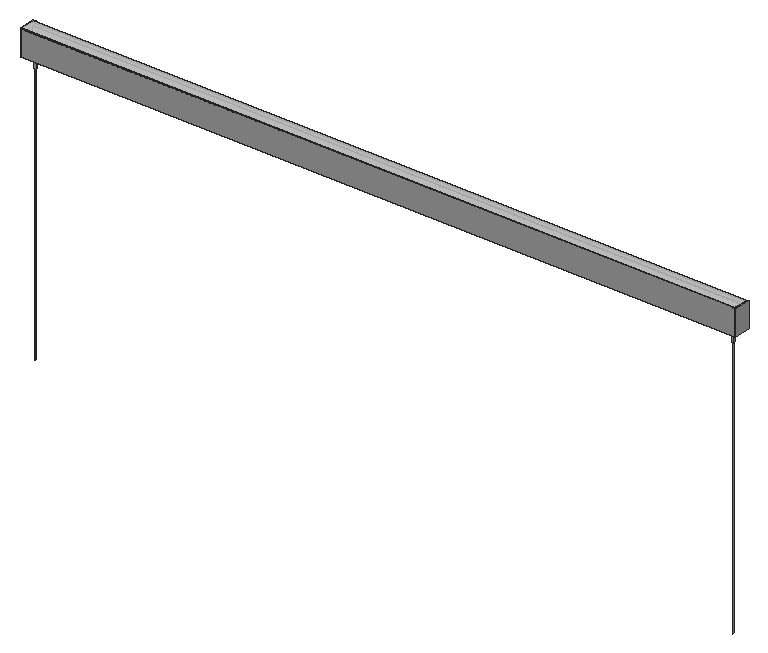
Revit family "2093111 Sylvania Lighting Fixture MC2-KIT D I 2-4M 3K DALI WHT PRIS", category Lighting Fixtures, host Face, Revit 2016
Family settings
  Host = Face
  Part Type = Normal
  Round Connector Dimension = Use Diameter
  OmniClass Number = 23.80.70.11.17
  OmniClass Title = Specialized Lighting by Location or Use
  Cut with Voids When Loaded = No
  Light Source = Yes
  Shared = No
  Room Calculation Point = No
Parameters (values of type "2093111 MC2-KIT D/I 2.4M 3K DALI WHT PRIS")
  Width_SYL = 54.0 mm
  Weight = "6.5 kg"
  Wattage = 64 W
  WarrantyStartDate [instance] = "n/a"
  WarrantyGuarantorParts = "n/a"
  WarrantyDurationUnit = "n/a"
  WarrantyDurationParts = "n/a"
  WarrantyDescription = "n/a"
  built-in parameter 1150110 = 1 (stored number, unit not read)
  Voltage = 0 V
  URL = "http://www.sylvania-lighting.com"
  TypeName = "MC2-KIT D/I 2.4M 3K DALI WHT PRIS"
  built-in parameter 1114217 = 1 (stored number, unit not read)
  Tilt Angle = -90.00°
  built-in parameter 1150109 = 1 (stored number, unit not read)
  built-in parameter 1150134 = (empty or 0)
  built-in parameter 1150113 = 1 (stored number, unit not read)
  SerialNumber [instance] = "n/a"
  PowerFactor = 0.95
  PowerConsumption = "64 W"
  NominalWidth = 0.0 mm
  NominalLength = 2400.0 mm
  NominalHeight = 86.0 mm
  Name = "MC2-KIT D/I 2.4M 3K DALI WHT PRIS"
  ModelReference = "MC2-KIT D/I 2.4M 3K DALI WHT PRIS"
  ModelNumber = "2093111"
  Material_3_SYL = Metal_Sylvania_Mini Contiuum II_Silver
  Photometric Web File = "2093111.ies"
  Material_4_SYL = Metal_Sylvania_Mini Contiuum II_Silver
  MountingHeight_SYL [instance] = 1000.0 mm
  Material = "aluminium housing, polycarbonate diffuser"
  ManufacturerName = "Feilo Sylvania"
  LuminousEfficacy = "116 lm/W"
  LuminaireType = ""
  LightOutputRatio = "100"
  Length_SYL = 2400.0 mm
  LampsType = Lamp  # "LED"
  LampNominalLuminous = "7392 lm"
  LampMacAdamStep = "3"
  LampColourTemperature = "3000 K"
  LampColourRenderingIndex = "80"
  Keynote = "16500"
  InstallationDate [instance] = "n/a"
  InputVoltage = "n/a"
  InputNominalFrequency = "n/a"
  IngressProtection = "IP20"
  ImpactProtectionIndex = "n/a"
  IfcExportType = "IfcLightFixtureType"
  IfcExportAs = "IfcLightFixtureType"
  Height_SYL = 86.0 mm
  ExpectedLife = 50000
  EndCapRight_SYL = yes
  EndCapLeft_SYL = yes
  Emit from Rectangle Width = Width_SYL - 2.0 mm  # 52.0 mm
  Emit from Rectangle Length = Length_SYL  # 2400.0 mm
  Emit Shape Visible in Rendering = no
  ElectricShockClassification = "Class I"
  DurationUnit = "hours"
  DocumentationLiterature = "http://www.sylvania-lighting.com/product/en-int/products/2093111"
  DimmingControlOptions = "n/a"
  CreatedOn = "10/15/2018"
  CreatedBy = "@sylvania-lighting.com"
  built-in parameter 1114216 [instance] = 1 (stored number, unit not read)
  Model = "MC2-KIT D/I 2.4M 3K DALI WHT PRIS"
  Manufacturer = "Feilo Sylvania"
  built-in parameter 1150105 = 590.78 (stored number, unit not read)
  Lumens = 7424 lm
  built-in parameter 1150115 = 1 (stored number, unit not read)
  built-in parameter 1150137 = (empty or 0)
  built-in parameter 1150139 = (empty or 0)
  built-in parameter 1150112 = 1 (stored number, unit not read)
  built-in parameter 1150114 = 1 (stored number, unit not read)
  Lamp = "LED"
  built-in parameter 1150132 = 2
  built-in parameter 1150102 = (empty or 0)
  built-in parameter 1150107 = 3000 (stored number, unit not read)
  built-in parameter 1150138 = (empty or 0)
  built-in parameter 1150106 = 5.9078 (stored number, unit not read)
  Material_1_SYL = Metal_Sylvania_Mini Continuum II_White
  built-in parameter 1150104 = 10.777 (stored number, unit not read)
  Dimming Lamp Color Temperature Shift = <None>
  Material_2_SYL = Polycarbonate_Sylvania_Mini Continuum II_Opal_4000K
  Description = "2093111   MC2-KIT D/I 2.4M 3K DALI WHT PRIS  Continuous lines of LED light, white RAL 9016, direct/indirect distribution (65/35), suspended kit version is pre-wired and supplied complete with end caps and suspension cables, compact and minimalist design based on the Golden Mean, ideal for offices, meeting rooms, corridors, education facilities, museums and libraries, extruded aluminium body, diffuser: micro prismatic, colour temperature: 3000K warm white, total system power: 64W, total fixture output: 7392lm, luminaire efficacy: 116lm/W, LOR: 100%, colour rendering: Ra >80, LED Chromacity: 1 step MacAdam ellipse, lifetime: 60,000 hours at 90% of the original output (L90), energy class: A++, A+, A, IR/UV free light source without heat radiation, operating voltage: 220-240V / 50-60Hz, drive current: (Direct) 800mA + (Indirect) 350mA, electronic driver, DALI dimmable, direct/indirect independently addressable, electrical protection: CLASS I, IP20, suitable for internal environment only."
  Default Elevation = 0.0 mm
  Color Filter = 16777215
  built-in parameter 1140040 [instance] = 1
  BarCode [instance] = "n/a"
  built-in parameter 1114218 = 1 (stored number, unit not read)
  built-in parameter 1150133 = 10 (stored number, unit not read)
  AssetType = "Fixed"
  AssetIdentifier [instance] = "n/a"
  Assembly Code = "D5020200"
  Apparent Load = 64 VA
Reference planes
  plane 1 "Center (Front/Back)": y = 0
  plane 2 "Bottom Fixtures": z = 0
  plane 3 "Center (Left/Right)": x = 0
  plane 4 "Fixture Left": x = -1200
  plane 5 "Fixture Right": x = 1200
  plane 6 "Fixture Bottom": z = 1000
  plane 7: z = 998
  plane 8: z = 996
  plane 9: z = 986.951
  plane 10: z = 956.951
  plane 11 "Fixture Top": z = 914
  plane 12 "Mounting Right": x = 1172
  plane 13 "Mounting Left": x = -1172
  plane 14: z = 879
  plane 15: y = 27
  plane 16: y = -27
  plane 17: y = -26
  plane 18: y = -25
  plane 19: y = 26
  plane 20: y = 25
  plane 21: y = 11
  plane 22: y = -11
  plane 23: y = 24
  plane 24: y = 22
  plane 25: y = -22
  plane 26: y = 15
  plane 27: y = -15
  plane 28 "Upper Diffuser Left": x = -1050
  plane 29 "Upper Diffuser Right": x = 1050
  plane 30: x = -1202
  plane 31: x = 1202
Forms (mm)
  Extrusion 1, solid, material "Metal_Sylvania_Mini Continuum II_White" <- "Material_1_SYL", detail levels fine
    sketch origin (0, 0, 520) x (0, 1, 0) y (0, 0, 1)
      loop
        line (27, 480) -> (26, 480) -> (26, 478) -> (25, 478) -> (25, 396) -> (13, 396) -> (13, 398) -> (-13, 398) -> (-13, 396) -> (-25, 396) -> (-25, 478) -> (-26, 478) -> (-26, 480) -> (-27, 480) -> (-27, 394) -> (-11, 394) -> (-11, 396) -> (11, 396) -> (11, 394) -> (27, 394) -> (27, 480)
    from -1200 to 1200
  Extrusion 2, solid, material "Polycarbonate_Sylvania_Mini Continuum II_Opal_4000K" <- "Material_2_SYL", detail levels fine
    sketch origin (0, 0, 520) x (0, 1, 0) y (0, 0, 1)
      loop
        line (-26, 480) -> (-26, 478) -> (26, 478) -> (26, 480) -> (-26, 480)
    from -1200 to 1200
  Extrusion 3, solid, material "Metal_Sylvania_Mini Contiuum II_Silver" <- "Material_3_SYL", detail levels fine
    sketch origin (0, 0, 520) x (0, 1, 0) y (0, 0, 1)
      loop
        line (22, 466.951) -> (20.973, 466.951) -> (14.206, 437.951) -> (11, 437.951) -> (11, 436.951) -> (15, 436.951) -> (22, 466.951)
      loop
        line (-15, 436.951) -> (-11, 436.951) -> (-11, 437.951) -> (-14.206, 437.951) -> (-20.973, 466.951) -> (-22, 466.951) -> (-15, 436.951)
    from -1200 to 1200
  Extrusion 4, solid, material "Metal_Sylvania_Mini Continuum II_White" <- "Material_1_SYL", detail levels coarse+medium
    sketch origin (0, 0, 520) x (0, 1, 0) y (0, 0, 1)
      loop
        line (-27, 480) -> (-27, 394) -> (27, 394) -> (27, 480) -> (-27, 480)
    from -1200 to 1200
  Extrusion 5, solid, material "Metal_Sylvania_Mini Contiuum II_Silver" <- "Material_4_SYL", detail levels fine
    sketch origin (0, 0, -86) x (-1, 0, 0) y (0, -1, 0)
      loop
        circle (1172, 0) r 4
      loop
        circle (-1172, 0) r 4
    from 965 to 1002
  Extrusion 6, solid, material "Metal_Sylvania_Mini Contiuum II_Silver" <- "Material_4_SYL", detail levels fine
    sketch origin (0, 0, -86) x (-1, 0, 0) y (0, -1, 0)
      loop
        circle (-1172, 0) r 1
      loop
        circle (1172, 0) r 1
    from 86 to 965
  Extrusion 7, solid, material "Polycarbonate_Sylvania_Mini Continuum II_Opal_4000K" <- "Material_2_SYL", detail levels fine
    sketch origin (0, 0, 0) x (0, 1, 0) y (0, 0, 1)
      loop
        arc (11, 916) -> (5.59, 914.504) -> (0, 914) r 31.25
        arc (0, 914) -> (-5.59, 914.504) -> (-11, 916) r 31.25
        line (-11, 916) -> (-11, 914.934)
        arc (-11, 914.934) -> (-5.584, 913.487) -> (0, 913) r 32.25
        arc (0, 913) -> (5.584, 913.487) -> (11, 914.934) r 32.25
        line (11, 914.934) -> (11, 916)
    from -1050 to 1050
  Extrusion 8, void
    sketch origin (0, 0, 0) x (0, 1, 0) y (0, 0, 1)
      loop
        line (11, 918) -> (-11, 918) -> (-11, 916) -> (11, 916) -> (11, 918)
    from -1050 to 1050
  Extrusion 9, solid, material "Metal_Sylvania_Mini Continuum II_White" <- "Material_1_SYL", visible <- "EndCapLeft_SYL"
    sketch origin (-1200, 171.684, 1219.2) x (0, 1, 0) y (0, 0, 1)
      loop
        line (-198.684, -305.2) -> (-144.684, -305.2) -> (-144.684, -219.2) -> (-198.684, -219.2) -> (-198.684, -305.2)
    from 0 to -2
  Extrusion 10, solid, material "Metal_Sylvania_Mini Continuum II_White" <- "Material_1_SYL", visible <- "EndCapRight_SYL"
    sketch origin (1200, 171.684, 1219.2) x (0, 1, 0) y (0, 0, -1)
      loop
        line (-144.684, 219.2) -> (-144.684, 305.2) -> (-198.684, 305.2) -> (-198.684, 219.2) -> (-144.684, 219.2)
    from 0 to -2
Cuts and joins
  Extrusion 8 cuts Extrusion 1
Lines and regions (mm)
  Masking region 1
    outline origin (0, 0, -86) x (-1, 0, 0) y (0, -1, 0)
      loop
        line (1200, -27) -> (1200, 27) -> (-1200, 27) -> (-1200, -27) -> (1200, -27)
  symbolic lines, detail levels fine
    curve 1: line (-1200, 26, -86) -> (1200, 26, -86)
    curve 2: line (-1200, -26, -86) -> (1200, -26, -86)
  model lines, detail levels coarse+medium
    curve 3: line (-1172, 0, 914) -> (-1172, 0, 0)
    curve 4: line (1172, 0, 914) -> (1172, 0, 0)
Dimensions and locks
  host sketch curve to plane 3 "Center (Left/Right)" to host sketch curve = 820.0 mm, 775.047 mm
  equal spacing: plane 4 "Fixture Left", plane 3 "Center (Left/Right)", plane 5 "Fixture Right"
  "Length_SYL": plane 4 "Fixture Left" to plane 5 "Fixture Right"
  plane 6 "Fixture Bottom" to plane 7 to plane 8 to plane 9 to plane 10 = 2.0 mm locked, 2.0 mm locked, 9.049 mm locked, 30.0 mm locked
  locked: Extrusion 1 sketch curve to Extrusion 1 sketch curve at 2
  locked: Extrusion 1 sketch curve to plane 11 "Fixture Top" at 2
  "Height_SYL": plane 6 "Fixture Bottom" to plane 11 "Fixture Top"
  locked: plane 12 "Mounting Right" to plane 5 "Fixture Right" at 28
  locked: plane 4 "Fixture Left" to plane 13 "Mounting Left" at 28
  locked: plane 11 "Fixture Top" to plane 14 at 35
  "MountingHeight_SYL": plane 6 "Fixture Bottom" to plane 2 "Bottom Fixtures"
  equal spacing: plane 15, plane 1 "Center (Front/Back)", plane 16
  "Width_SYL": plane 15 to plane 16
  plane 22 to plane 27 to plane 25 to plane 18 to plane 17 to plane 16 = 4.0 mm locked, 7.0 mm locked, 3.0 mm locked, 1.0 mm locked, 1.0 mm locked
  plane 15 to plane 19 to plane 20 to plane 23 to plane 24 to plane 26 to plane 21 = 1.0 mm locked, 1.0 mm locked, 1.0 mm locked, 2.0 mm locked, 7.0 mm locked, 4.0 mm locked
  locked: plane 4 "Fixture Left" to plane 28 "Upper Diffuser Left" at 150
  locked: plane 29 "Upper Diffuser Right" to plane 5 "Fixture Right" at 150
  equal spacing: plane 30, plane 3 "Center (Left/Right)", plane 31
  locked: plane 30 to plane 4 "Fixture Left" at 2
  aligned and locked: plane 2 "Bottom Fixtures" to host face
  aligned and locked: level to host face
  aligned and locked: plane 5 "Fixture Right" to curve 1
  aligned and locked: plane 4 "Fixture Left" to curve 1
  aligned and locked: plane 4 "Fixture Left" to curve 2
  aligned and locked: plane 5 "Fixture Right" to curve 2
  aligned and locked: Extrusion 1 sketch curve to plane 7
  aligned and locked: plane 6 "Fixture Bottom" to Extrusion 1 sketch curve  (x2)
  aligned and locked: plane 7 to Extrusion 1 sketch curve
  aligned and locked: Extrusion 1 to Extrusion 2 sketch curve
  aligned and locked: Extrusion 2 sketch curve to Extrusion 1  (x3)
  aligned and locked: Extrusion 3 sketch curve to plane 10
  aligned and locked: plane 9 to Extrusion 3 sketch curve
  aligned and locked: Extrusion 3 sketch curve to plane 9
  aligned and locked: Extrusion 4 sketch curve to plane 6 "Fixture Bottom"
  aligned and locked: Extrusion 4 to plane 4 "Fixture Left"
  aligned and locked: Extrusion 2 to plane 4 "Fixture Left"
  aligned and locked: Extrusion 3 to plane 4 "Fixture Left"
  aligned and locked: Extrusion 1 to plane 4 "Fixture Left"
  aligned and locked: Extrusion 4 to plane 5 "Fixture Right"
  aligned and locked: Extrusion 2 to plane 5 "Fixture Right"
  aligned and locked: Extrusion 3 to plane 5 "Fixture Right"
  aligned and locked: Extrusion 1 to plane 5 "Fixture Right"
  aligned and locked: plane 11 "Fixture Top" to Extrusion 4 sketch curve
  aligned and locked: Extrusion 1 sketch curve to plane 11 "Fixture Top"  (x2)
  aligned and locked: Extrusion 1 sketch curve to Extrusion 1 sketch curve
  aligned and locked: plane 6 "Fixture Bottom" to imposter light
  aligned and locked: plane 11 "Fixture Top" to curve 3
  aligned and locked: plane 2 "Bottom Fixtures" to curve 3
  aligned and locked: plane 11 "Fixture Top" to curve 4
  aligned and locked: plane 2 "Bottom Fixtures" to curve 4
  aligned and locked: curve 4 to plane 12 "Mounting Right"
  aligned and locked: curve 3 to plane 13 "Mounting Left"
  aligned and locked: Extrusion 5 to Extrusion 1
  aligned and locked: Extrusion 5 to plane 14
  aligned and locked: plane 14 to Extrusion 6
  aligned and locked: Extrusion 6 to level
  aligned and locked: plane 11 "Fixture Top" to Extrusion 7 sketch curve
  aligned and locked: Extrusion 7 to plane 28 "Upper Diffuser Left"
  aligned and locked: Extrusion 7 to plane 29 "Upper Diffuser Right"
  aligned and locked: plane 21 to Extrusion 3 sketch curve
  aligned and locked: Extrusion 3 sketch curve to plane 22
  aligned and locked: Extrusion 8 sketch curve to plane 21
  aligned and locked: Extrusion 8 sketch curve to plane 22
  aligned and locked: Extrusion 8 sketch curve to Extrusion 1  (x2)
  aligned and locked: Extrusion 8 to Extrusion 7  (x2)
  aligned and locked: plane 21 to Extrusion 7 sketch curve
  aligned and locked: plane 1 "Center (Front/Back)" to Extrusion 7 sketch curve
  aligned and locked: plane 22 to Extrusion 7 sketch curve
  aligned and locked: Extrusion 9 sketch curve to Extrusion 4  (x4)
  aligned and locked: Extrusion 9 to plane 30
  aligned and locked: plane 4 "Fixture Left" to Extrusion 9
  aligned and locked: Extrusion 10 sketch curve to Extrusion 4  (x4)
  aligned and locked: plane 31 to Extrusion 10
  aligned and locked: plane 5 "Fixture Right" to Extrusion 10
Automatic sketch dimensions
  host sketch curve to host sketch curve = 1047.463 mm
  plane 19 to curve 1 = 0.0 mm
  curve 2 to plane 17 = 0.0 mm
  Masking region 1 sketch curve to plane 5 "Fixture Right" = 0.0 mm
  Masking region 1 sketch curve to plane 4 "Fixture Left" = 0.0 mm
  plane 15 to Masking region 1 sketch curve = 0.0 mm
  Masking region 1 sketch curve to plane 16 = 0.0 mm
  Extrusion 1 sketch curve to plane 16 = 0.0 mm
  Extrusion 1 sketch curve to plane 17 = 0.0 mm
  Extrusion 1 sketch curve to plane 18 = 0.0 mm
  Extrusion 1 sketch curve to plane 22 = 0.0 mm
  Extrusion 1 sketch curve to plane 21 = 0.0 mm
  Extrusion 1 sketch curve to plane 20 = 0.0 mm
  Extrusion 1 sketch curve to plane 19 = 0.0 mm
  Extrusion 1 sketch curve to plane 15 = 0.0 mm
  plane 11 "Fixture Top" to Extrusion 1 sketch curve = 2.0 mm
  Extrusion 1 sketch curve to plane 22 = 2.0 mm
  Extrusion 1 sketch curve to plane 21 = 2.0 mm
  Extrusion 3 sketch curve to plane 25 = 0.0 mm
  Extrusion 3 sketch curve to plane 27 = 0.0 mm
  Extrusion 3 sketch curve to plane 26 = 0.0 mm
  Extrusion 3 sketch curve to plane 24 = 0.0 mm
  plane 10 to Extrusion 3 sketch curve = 1.0 mm
  Extrusion 3 sketch curve to Extrusion 3 sketch curve = 1.027 mm
  plane 27 to Extrusion 3 sketch curve = 0.794 mm
  plane 26 to Extrusion 3 sketch curve = 0.794 mm
  plane 24 to Extrusion 3 sketch curve = 1.027 mm
  Extrusion 4 sketch curve to plane 16 = 0.0 mm
  Extrusion 4 sketch curve to plane 15 = 0.0 mm
  plane 1 "Center (Front/Back)" to Extrusion 5 sketch curve = 0.0 mm  (x2)
  Extrusion 5 sketch curve to plane 12 "Mounting Right" = 0.0 mm
  Extrusion 5 sketch curve to plane 13 "Mounting Left" = 0.0 mm
  plane 1 "Center (Front/Back)" to Extrusion 6 sketch curve = 0.0 mm  (x2)
  Extrusion 6 sketch curve to plane 12 "Mounting Right" = 0.0 mm
  Extrusion 6 sketch curve to plane 13 "Mounting Left" = 0.0 mm
  Extrusion 7 sketch curve to Extrusion 7 sketch curve = 0.0 mm  (x4)
  plane 11 "Fixture Top" to Extrusion 7 sketch curve = 0.934 mm
  Extrusion 3 sketch curve to Extrusion 3 sketch curve = 0.0 mm
  Extrusion 3 sketch curve to plane 10 = 0.0 mm
  plane 11 "Fixture Top" to Extrusion 7 sketch curve = 2.0 mm
  radius of Extrusion 5 sketch curve = 4.0 mm  (x2)
  radius of Extrusion 6 sketch curve = 1.0 mm  (x2)
Connectors
  electrical at (1200, 0, 949), driven by "Apparent Load"
    settings: on Extrusion 1, index 1, voltage 230 V, apparent load 0 VA, apparent load phase1 64 VA, apparent load phase2 0 VA, apparent load phase3 0 VA, power factor 1, load classification "Lighting", number of poles 1, system type 31, power factor state 1, is connector primary yes, connector utility no, sub classification motor no, connector description ""
